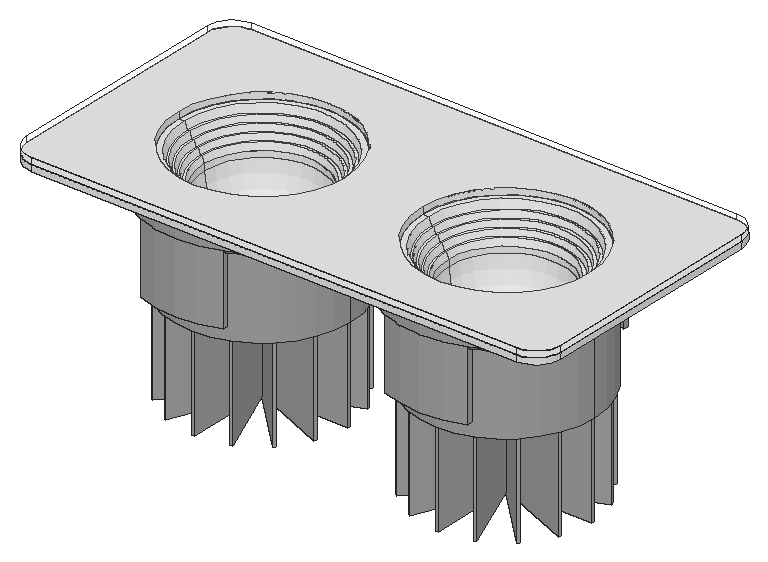
Revit family "Lighting_Fixture-Ceiling-Astro-Vetro_Twin", category Lighting Fixtures, host Face, Revit 2018
Family settings
  Host = Face
  Round Connector Dimension = Use Diameter
  Part Type = Normal
  OmniClass Number = 23.80.70.11.11
  OmniClass Title = General Luminaries, Non Directional
  Cut with Voids When Loaded = No
  Light Source = Yes
  Shared = No
  Room Calculation Point = No
Parameters (values of type "5669 Vetro Twin")
  Width = 90.00 mm
  Weight = "0.56kg"
  Wattage Comments = "2 x 10w"
  Wattage = 12.2 W
  built-in parameter 1150110 = 1 (stored number, unit not read)
  Voltage = 230 V
  URL = "www.astrolighting.co.uk"
  Type Comments = "Dimmable if a dimmable driver is used. Cutout size to fit: 160mm x 80mm. Leave 150mm void around the product. Not suitable for covering with insulation. Requires a 350mA constant current driver, not included."
  built-in parameter 1114217 = 1 (stored number, unit not read)
  Tilt Angle = 90.00°
  built-in parameter 1150109 = 1 (stored number, unit not read)
  built-in parameter 1150134 = (empty or 0)
  built-in parameter 1150113 = 1 (stored number, unit not read)
  Suitable for bathroom zone = "Zones 1, 2 and 3"
  Product Documentation = "http://www.astrolighting.co.uk/products/led-lighting/downlights/5669_Vetro-Twin"
  Photometric Web File = "5669 VETRO TWIN.ies"
  Number of Poles = 1
  Mountable on normally flammable surfaces = "Yes"
  Model = "5669 Vetro Twin"
  Manufacturer = "Astro Lighting Ltd, CM20 2DP"
  built-in parameter 1150105 = 97.958 (stored number, unit not read)
  Lumens = 1230.98 lm
  Luminaire Lamp Efficiency Rating = "-A"
  built-in parameter 1150115 = 1 (stored number, unit not read)
  built-in parameter 1150137 = (empty or 0)
  built-in parameter 1150139 = (empty or 0)
  Length = 175.00 mm
  built-in parameter 1150112 = 1 (stored number, unit not read)
  built-in parameter 1150114 = 1 (stored number, unit not read)
  Lamp included = "Yes"
  Lamp = "LED"
  built-in parameter 1150132 = (empty or 0)
  built-in parameter 1150102 = (empty or 0)
  built-in parameter 1150107 = 3000 (stored number, unit not read)
  built-in parameter 1150138 = (empty or 0)
  built-in parameter 1150106 = 0.97958 (stored number, unit not read)
  IP Rating = "IP65"
  Energy Efficiency Rating = ""
  Emit from Circle Diameter = 55.00 mm
  Emit Shape Visible in Rendering = no
  built-in parameter 1150104 = 9.3739 (stored number, unit not read)
  Dimming Lamp Color Temperature Shift = <None>
  Dimmable = "Yes"
  Description = "Downlight"
  Default Elevation = 1219.20 mm
  Cutout Depth into Ceiling [instance] = 75.00 mm
  Color Filter = 16777215
  Class = 3
  Casing Material = Astro - Aluminium - White
  built-in parameter 1114218 = 1 (stored number, unit not read)
  built-in parameter 1150133 = 10 (stored number, unit not read)
  Manufacturer Contact = "01279 427001"
  Assembly Code = "D5020200"
  Apparent Load = 25.35 VA
Reference planes
  plane 1 "Center (Front/Back)": y = 0
  plane 2: z = 0
  plane 3 "Center (Left/Right)": x = 0
  plane 4 "Light Source Elevation": z = -26
  plane 5 "Left": x = -87.5
  plane 6 "Right": x = 87.5
  plane 7 "Front": y = 45
  plane 8 "Back": y = -45
  plane 9 "Bottom": z = 4
  plane 10 "Top": z = -71
  plane 11: z = 2
  plane 12: x = -40
  plane 13: x = 40
  plane 14: z = -33
  plane 15: z = -40
Forms (mm)
  Extrusion 1, solid, material "Astro - Glass - Clear"
    sketch origin (0, 1376.021, 4) x (0, 1, 0) y (-1, 0, 0)
      loop
        arc (-1331.021, 79.5) -> (-1333.364, 85.157) -> (-1339.021, 87.5) r 8
        line (-1339.021, 87.5) -> (-1413.021, 87.5)
        arc (-1413.021, 87.5) -> (-1418.678, 85.157) -> (-1421.021, 79.5) r 8
        line (-1421.021, 79.5) -> (-1421.021, -79.5)
        arc (-1421.021, -79.5) -> (-1418.678, -85.157) -> (-1413.021, -87.5) r 8
        line (-1413.021, -87.5) -> (-1339.021, -87.5)
        arc (-1339.021, -87.5) -> (-1333.364, -85.157) -> (-1331.021, -79.5) r 8
        line (-1331.021, -79.5) -> (-1331.021, 79.5)
    from 0 to -2
  Extrusion 2, solid, material "Astro - Aluminium - White" <- "Casing Material"
    sketch origin (0, 0, 0) x (1, 0, 0) y (0, 1, 0)
      loop
        line (79.5, 45) -> (-79.5, 45)
        arc (-79.5, 45) -> (-85.157, 42.657) -> (-87.5, 37) r 8
        line (-87.5, 37) -> (-87.5, -37)
        arc (-87.5, -37) -> (-85.157, -42.657) -> (-79.5, -45) r 8
        line (-79.5, -45) -> (79.5, -45)
        arc (79.5, -45) -> (85.157, -42.657) -> (87.5, -37) r 8
        line (87.5, -37) -> (87.5, 37)
        arc (87.5, 37) -> (85.157, 42.657) -> (79.5, 45) r 8
      loop
        circle (-40, 0) r 27.5
      loop
        circle (40, 0) r 27.5
    from 0 to 2
  Extrusion 3, void
    sketch origin (0, 0, 0) x (1, 0, 0) y (0, 1, 0)
      loop
        line (-80, 40) -> (-80, -40) -> (80, -40) -> (80, 40) -> (-80, 40)
    from -75 to 0
  Revolve 4, solid, material "Astro - Aluminium - White" <- "Casing Material"
    sketch origin (0, 0, 0) x (1, 0, 0) y (0, 0, 1)
      loop
        line (-67.5, -0.9) -> (-66.25, -0.9) -> (-65.65, -2.8) -> (-64.85, -2.8) -> (-64.25, -4.7) -> (-63.45, -4.7) -> (-62.85, -6.6) -> (-62.05, -6.6) -> (-61.45, -8.5) -> (-60.65, -8.5) -> (-60.1, -10.4) -> (-59.059, -10.4) -> (-59.696, -8.199) -> (-60.496, -8.199) -> (-61.096, -6.299) -> (-61.896, -6.299) -> (-62.496, -4.399) -> (-63.296, -4.399) -> (-63.896, -2.499) -> (-64.696, -2.499) -> (-65.486, 0) -> (-67.5, 0) -> (-67.5, -0.9)
      axis (-40, 0) -> (-40, -10.4)
    angle from 0 to 360
  Revolve 5, solid, material "Astro - Aluminium - White" <- "Casing Material"
    sketch origin (0, 0, 0) x (1, 0, 0) y (0, 0, 1)
      loop
        line (12.5, 0) -> (12.5, -0.9) -> (13.75, -0.9) -> (14.35, -2.8) -> (15.15, -2.8) -> (15.75, -4.7) -> (16.55, -4.7) -> (17.15, -6.6) -> (17.95, -6.6) -> (18.55, -8.5) -> (19.35, -8.5) -> (19.95, -10.4) -> (20.999, -10.4) -> (20.304, -8.199) -> (19.504, -8.199) -> (18.904, -6.299) -> (18.104, -6.299) -> (17.504, -4.399) -> (16.704, -4.399) -> (16.104, -2.499) -> (15.304, -2.499) -> (14.514, 0) -> (12.5, 0)
      axis (40, 0) -> (40, -10.4)
    angle from 0 to 360
  Revolve 6, solid, material "Astro - Aluminium - White" <- "Casing Material"
    sketch origin (0, 0, 0) x (1, 0, 0) y (0, 0, 1)
      loop
        line (20.999, -10.4) -> (18.126, -10.4) -> (18.126, -12.054) -> (20.036, -13.085)
        arc (20.036, -13.085) -> (22.266, -21.378) -> (27.434, -28.237) r 22.559
        arc (27.434, -28.237) -> (29.216, -28.945) -> (31.088, -29.357) r 11.849
        arc (31.088, -29.357) -> (31.839, -30.283) -> (32.254, -31.4) r 3.683
        line (32.254, -31.4) -> (40, -31.4) -> (40, -30.4) -> (33, -30.4)
        arc (33, -30.4) -> (32.386, -29.298) -> (31.5, -28.4) r 4.683
        arc (31.5, -28.4) -> (29.708, -28.048) -> (28, -27.4) r 10.849
        arc (28, -27.4) -> (23.002, -20.599) -> (20.999, -12.4) r 21.559
        line (20.999, -12.4) -> (20.999, -10.4)
      axis (40, -10.4) -> (40, -31.4)
    angle from 0 to 360
  Revolve 7, solid, material "Astro - Aluminium - White" <- "Casing Material"
    sketch origin (0, 0, 0) x (1, 0, 0) y (0, 0, 1)
      loop
        line (-59.001, -10.4) -> (-61.874, -10.4) -> (-61.874, -12.054) -> (-59.964, -13.085)
        arc (-59.964, -13.085) -> (-57.734, -21.378) -> (-52.566, -28.237) r 22.559
        arc (-52.566, -28.237) -> (-50.784, -28.945) -> (-48.912, -29.357) r 11.849
        arc (-48.912, -29.357) -> (-48.161, -30.283) -> (-47.746, -31.4) r 3.683
        line (-47.746, -31.4) -> (-40, -31.4) -> (-40, -30.4) -> (-47, -30.4)
        arc (-47, -30.4) -> (-47.614, -29.298) -> (-48.5, -28.4) r 4.683
        arc (-48.5, -28.4) -> (-50.292, -28.048) -> (-52, -27.4) r 10.849
        arc (-52, -27.4) -> (-56.998, -20.599) -> (-59.001, -12.4) r 21.559
        line (-59.001, -12.4) -> (-59.001, -10.4)
      axis (-40, -10.4) -> (-40, -31.4)
    angle from 0 to 360
  Revolve 8, solid, material "Astro - Aluminium - Anodised"
    sketch origin (0, 0, 0) x (1, 0, 0) y (0, 0, 1)
      loop
        line (-69, 0) -> (-69, -40) -> (-40, -40) -> (-40, -39) -> (-67.5, -39) -> (-67.5, 0) -> (-69, 0)
      loop
        line (-74, -11) -> (-74, 0) -> (-75.5, 0) -> (-75.5, -10.166) -> (-74.8, -11) -> (-74, -11)
      axis (-40, 0) -> (-40, -40)
    angle from 0 to 360
  Extrusion 9, solid, material "Astro - Aluminium - Anodised"
    sketch origin (0, 0, 0) x (1, 0, 0) y (0, 1, 0)
      loop
        line (-26.5, -32.833) -> (-26.5, -31.205)
        arc (-26.5, -31.205) -> (-40, -34) -> (-53.5, -31.205) r 34
        line (-53.5, -31.205) -> (-53.5, -32.833)
        arc (-53.5, -32.833) -> (-40, -35.5) -> (-26.5, -32.833) r 35.5
      loop
        arc (-53.5, 31.205) -> (-40, 34) -> (-26.5, 31.205) r 34
        line (-26.5, 31.205) -> (-26.5, 32.833)
        arc (-26.5, 32.833) -> (-40, 35.5) -> (-53.5, 32.833) r 35.5
        line (-53.5, 32.833) -> (-53.5, 31.205)
    from -33 to 0
  Revolve 10, solid, material "Astro - Aluminium - Anodised"
    sketch origin (0, 0, 0) x (1, 0, 0) y (0, 0, 1)
      loop
        line (11, 0) -> (11, -40) -> (40, -40) -> (40, -39) -> (12.5, -39) -> (12.5, 0) -> (11, 0)
      loop
        line (6, -11) -> (6, 0) -> (4.5, 0) -> (4.5, -10.166) -> (5.2, -11) -> (6, -11)
      axis (40, 0) -> (40, -40)
    angle from 0 to 360
  Extrusion 11, solid, material "Astro - Aluminium - Anodised"
    sketch origin (0, 0, 0) x (1, 0, 0) y (0, 1, 0)
      loop
        line (53.5, -32.833) -> (53.5, -31.205)
        arc (53.5, -31.205) -> (40, -34) -> (26.5, -31.205) r 34
        line (26.5, -31.205) -> (26.5, -32.833)
        arc (26.5, -32.833) -> (40, -35.5) -> (53.5, -32.833) r 35.5
      loop
        arc (26.5, 31.205) -> (40, 34) -> (53.5, 31.205) r 34
        line (53.5, 31.205) -> (53.5, 32.833)
        arc (53.5, 32.833) -> (40, 35.5) -> (26.5, 32.833) r 35.5
        line (26.5, 32.833) -> (26.5, 31.205)
    from -33 to 0
  Extrusion 12, solid, material "Astro - Aluminium - Anodised"
    sketch origin (-117.181, -4572, -40) x (-1, 0, 0) y (0, -1, 0)
      loop
        line (-156.781, -4600.3) -> (-156.781, -4574.011) -> (-146.721, -4598.299) -> (-145.982, -4597.993) -> (-156.042, -4573.705) -> (-137.453, -4592.294) -> (-136.887, -4591.728) -> (-155.477, -4573.139) -> (-131.189, -4583.199) -> (-130.883, -4582.46) -> (-155.171, -4572.4) -> (-128.881, -4572.4) -> (-128.881, -4571.6) -> (-155.171, -4571.6) -> (-130.883, -4561.54) -> (-131.189, -4560.801) -> (-155.477, -4570.861) -> (-136.887, -4552.272) -> (-137.453, -4551.706) -> (-156.042, -4570.295) -> (-145.982, -4546.007) -> (-146.721, -4545.701) -> (-156.781, -4569.989) -> (-156.781, -4543.7) -> (-157.581, -4543.7) -> (-157.581, -4569.989) -> (-167.642, -4545.701) -> (-168.381, -4546.007) -> (-158.321, -4570.295) -> (-176.91, -4551.706) -> (-177.475, -4552.272) -> (-158.886, -4570.861) -> (-183.174, -4560.801) -> (-183.48, -4561.54) -> (-159.192, -4571.6) -> (-185.481, -4571.6) -> (-185.481, -4572.4) -> (-159.192, -4572.4) -> (-183.48, -4582.46) -> (-183.174, -4583.199) -> (-158.886, -4573.139) -> (-177.475, -4591.728) -> (-176.91, -4592.294) -> (-158.321, -4573.705) -> (-168.381, -4597.993) -> (-167.642, -4598.299) -> (-157.581, -4574.011) -> (-157.581, -4600.3) -> (-156.781, -4600.3)
      loop
        line (-76.781, -4600.3) -> (-76.781, -4574.011) -> (-66.721, -4598.299) -> (-65.982, -4597.993) -> (-76.042, -4573.705) -> (-57.453, -4592.294) -> (-56.887, -4591.728) -> (-75.477, -4573.139) -> (-51.189, -4583.199) -> (-50.883, -4582.46) -> (-75.171, -4572.4) -> (-48.881, -4572.4) -> (-48.881, -4571.6) -> (-75.171, -4571.6) -> (-50.883, -4561.54) -> (-51.189, -4560.801) -> (-75.477, -4570.861) -> (-56.887, -4552.272) -> (-57.453, -4551.706) -> (-76.042, -4570.295) -> (-65.982, -4546.007) -> (-66.721, -4545.701) -> (-76.781, -4569.989) -> (-76.781, -4543.7) -> (-77.581, -4543.7) -> (-77.581, -4569.989) -> (-87.642, -4545.701) -> (-88.381, -4546.007) -> (-78.321, -4570.295) -> (-96.91, -4551.706) -> (-97.475, -4552.272) -> (-78.886, -4570.861) -> (-103.174, -4560.801) -> (-103.48, -4561.54) -> (-79.192, -4571.6) -> (-105.481, -4571.6) -> (-105.481, -4572.4) -> (-79.192, -4572.4) -> (-103.48, -4582.46) -> (-103.174, -4583.199) -> (-78.886, -4573.139) -> (-97.475, -4591.728) -> (-96.91, -4592.294) -> (-78.321, -4573.705) -> (-88.381, -4597.993) -> (-87.642, -4598.299) -> (-77.581, -4574.011) -> (-77.581, -4600.3) -> (-76.781, -4600.3)
    from -31 to 0
Cuts and joins
  joined: Revolve 8, Extrusion 9
  joined: Revolve 10, Extrusion 11
Dimensions and locks
  equal spacing: plane 5 "Left", plane 3 "Center (Left/Right)", plane 6 "Right"
  "Length": plane 5 "Left" to plane 6 "Right"
  equal spacing: plane 7 "Front", plane 1 "Center (Front/Back)", plane 8 "Back"
  "Width": plane 7 "Front" to plane 8 "Back"
  plane 9 "Bottom" to plane 2 = 4.00 mm
  plane 2 to plane 10 "Top" = 71.00 mm
  locked: plane 9 "Bottom" to plane 2 at 4
  locked: plane 11 to plane 2 at 2
  locked: plane 2 to plane 10 "Top" at 71
  plane 9 "Bottom" to plane 10 "Top" = 75.00 mm
  equal spacing: Extrusion 1 sketch curve, plane 3 "Center (Left/Right)", Extrusion 1 sketch curve  (x2)
  locked: Extrusion 1 sketch curve to Extrusion 1 sketch curve at 159  (x2)
  equal spacing: Extrusion 1 sketch curve, plane 1 "Center (Front/Back)", Extrusion 1 sketch curve  (x2)
  locked: Extrusion 1 sketch curve to Extrusion 1 sketch curve at 74  (x2)
  equal spacing: Extrusion 3 sketch curve, plane 3 "Center (Left/Right)", Extrusion 3 sketch curve
  locked: Extrusion 3 sketch curve to Extrusion 3 sketch curve at 160
  equal spacing: Extrusion 3 sketch curve, plane 1 "Center (Front/Back)", Extrusion 3 sketch curve
  locked: Extrusion 3 sketch curve to Extrusion 3 sketch curve at 80
  equal spacing: plane 12, plane 3 "Center (Left/Right)", plane 13
  locked: plane 12 to plane 13 at 80
  locked: plane 2 to plane 14 at 33
  locked: plane 2 to plane 15 at 40
  "Cutout Depth into Ceiling": plane 2 to Extrusion 3
  locked: plane 4 "Light Source Elevation" to plane 10 "Top" at 45
  aligned and locked: plane 2 to host face
  aligned and locked: level to host face
  aligned and locked: Extrusion 1 sketch curve to plane 5 "Left"
  aligned and locked: Extrusion 1 sketch curve to plane 6 "Right"
  aligned and locked: Extrusion 1 sketch curve to plane 8 "Back"
  aligned and locked: Extrusion 1 to plane 9 "Bottom"
  aligned and locked: Extrusion 1 to plane 11
  aligned and locked: Extrusion 2 sketch curve to Extrusion 1  (x4)
  aligned and locked: plane 1 "Center (Front/Back)" to Extrusion 2 sketch curve  (x2)
  aligned and locked: plane 11 to Extrusion 2
  aligned and locked: Extrusion 2 to plane 2
  aligned and locked: plane 12 to Extrusion 2 sketch curve
  aligned and locked: plane 13 to Extrusion 2 sketch curve
  aligned and locked: Revolve 4 sketch curve to plane 12
  aligned and locked: Revolve 5 sketch curve to plane 13
  aligned and locked: Revolve 5 to Revolve 6 sketch curve
  aligned and locked: Revolve 6 sketch curve to plane 13
  aligned and locked: Revolve 7 sketch curve to plane 12
  aligned and locked: Revolve 8 sketch curve to plane 12  (x2)
  aligned and locked: plane 2 to Extrusion 9
  aligned and locked: plane 2 to Extrusion 3
  aligned and locked: plane 13 to Revolve 10 sketch curve
  aligned and locked: Revolve 10 sketch curve to plane 13
  aligned and locked: plane 13 to Extrusion 11 sketch curve  (x4)
  aligned and locked: plane 1 "Center (Front/Back)" to Extrusion 11 sketch curve  (x4)
  aligned and locked: plane 1 "Center (Front/Back)" to Extrusion 9 sketch curve  (x4)
  aligned and locked: plane 12 to Extrusion 9 sketch curve  (x4)
  aligned and locked: plane 2 to Extrusion 11
  aligned and locked: Extrusion 11 to plane 14
  aligned and locked: cut or joined group of Revolve 8, Extrusion 9 to plane 14
  aligned and locked: plane 15 to Revolve 10 sketch curve
  aligned and locked: plane 15 to Revolve 8 sketch curve
  aligned and locked: Extrusion 12 to plane 10 "Top"
  aligned and locked: plane 15 to Extrusion 12
  aligned and locked: imposter light to plane 12
  aligned and locked: imposter light to plane 1 "Center (Front/Back)"
  aligned and locked: imposter light to plane 4 "Light Source Elevation"
Automatic sketch dimensions
  host sketch curve to host sketch curve = 297.002 mm
  host sketch curve to host sketch curve = 245.013 mm
  Revolve 5 sketch curve to level = 0.00 mm
  Revolve 5 sketch curve to level = 8.199 mm
  Revolve 5 sketch curve to plane 13 = 19.696 mm
  Revolve 5 sketch curve to Revolve 5 sketch curve = 0.354 mm
  Revolve 5 sketch curve to Revolve 5 sketch curve = 0.80 mm  (x8)
  Revolve 5 sketch curve to Revolve 5 sketch curve = 0.154 mm  (x4)
  Revolve 5 sketch curve to level = 6.299 mm
  Revolve 5 sketch curve to Revolve 5 sketch curve = 0.60 mm  (x3)
  Revolve 5 sketch curve to level = 6.60 mm
  Revolve 5 sketch curve to level = 4.399 mm
  Revolve 5 sketch curve to level = 4.70 mm
  Revolve 5 sketch curve to level = 2.499 mm
  Revolve 5 sketch curve to Revolve 5 sketch curve = 0.789 mm
  Revolve 5 sketch curve to level = 0.90 mm
  Revolve 5 sketch curve to Revolve 5 sketch curve = 0.764 mm
  Revolve 5 sketch curve to Revolve 5 sketch curve = 1.25 mm
  Revolve 5 sketch curve to Revolve 5 sketch curve = 0.301 mm  (x2)
  Revolve 5 sketch curve to Revolve 5 sketch curve = 1.049 mm
  Revolve 5 sketch curve to Revolve 5 sketch curve = 15.334 mm
  plane 9 "Bottom" to Revolve 5 sketch curve = 36.00 mm
  Revolve 5 sketch curve to Revolve 5 sketch curve = 1.90 mm
  Revolve 6 sketch curve to Revolve 6 sketch curve = 0.00 mm  (x6)
  Revolve 6 sketch curve to plane 13 = 0.00 mm
  Revolve 6 sketch curve to plane 13 = 7.00 mm
  Revolve 6 sketch curve to plane 13 = 7.312 mm
  Revolve 6 sketch curve to Revolve 6 sketch curve = 0.746 mm
  Revolve 6 sketch curve to Revolve 6 sketch curve = 3.615 mm
  Revolve 6 sketch curve to Revolve 6 sketch curve = 11.69 mm
  Revolve 6 sketch curve to Revolve 6 sketch curve = 0.962 mm
  Revolve 6 sketch curve to Revolve 6 sketch curve = 2.872 mm
  plane 13 to Revolve 6 sketch curve = 2.538 mm
  Revolve 6 sketch curve to Revolve 6 sketch curve = 4.531 mm
  Revolve 6 sketch curve to Revolve 6 sketch curve = 12.784 mm
  Revolve 6 sketch curve to Revolve 6 sketch curve = 1.00 mm
  Revolve 6 sketch curve to Revolve 6 sketch curve = 0.708 mm
  Revolve 6 sketch curve to Revolve 6 sketch curve = 0.685 mm
  Revolve 6 sketch curve to Revolve 6 sketch curve = 1.654 mm
  Revolve 6 sketch curve to level = 11.48 mm
  Revolve 6 sketch curve to Revolve 6 sketch curve = 1.50 mm
  Revolve 6 sketch curve to Revolve 6 sketch curve = 0.412 mm
  Revolve 6 sketch curve to Revolve 6 sketch curve = 0.566 mm
  Revolve 6 sketch curve to Revolve 6 sketch curve = 5.459 mm
  Revolve 6 sketch curve to Revolve 6 sketch curve = 6.059 mm
  Revolve 4 sketch curve to level = 0.00 mm
  Revolve 4 sketch curve to level = 8.199 mm
  Revolve 4 sketch curve to plane 12 = 19.696 mm
  Revolve 4 sketch curve to Revolve 4 sketch curve = 0.404 mm
  Revolve 4 sketch curve to Revolve 4 sketch curve = 0.80 mm  (x8)
  Revolve 4 sketch curve to Revolve 4 sketch curve = 0.154 mm  (x4)
  Revolve 4 sketch curve to Revolve 4 sketch curve = 0.60 mm  (x3)
  Revolve 4 sketch curve to level = 8.50 mm
  Revolve 4 sketch curve to level = 6.60 mm
  Revolve 4 sketch curve to level = 4.399 mm
  Revolve 4 sketch curve to level = 2.499 mm
  Revolve 4 sketch curve to level = 4.70 mm
  Revolve 4 sketch curve to Revolve 4 sketch curve = 0.789 mm
  Revolve 4 sketch curve to level = 0.90 mm
  Revolve 4 sketch curve to Revolve 4 sketch curve = 0.764 mm
  Revolve 4 sketch curve to Revolve 4 sketch curve = 1.25 mm
  Revolve 4 sketch curve to Revolve 4 sketch curve = 1.90 mm
  Revolve 4 sketch curve to Revolve 4 sketch curve = 0.301 mm  (x2)
  Revolve 4 sketch curve to Revolve 4 sketch curve = 1.041 mm
  Revolve 4 sketch curve to level = 21.326 mm
  plane 9 "Bottom" to Revolve 4 sketch curve = 8.755 mm
  Revolve 7 sketch curve to Revolve 7 sketch curve = 0.00 mm  (x6)
  Revolve 7 sketch curve to plane 12 = 0.00 mm
  Revolve 7 sketch curve to Revolve 7 sketch curve = 7.00 mm
  Revolve 7 sketch curve to plane 12 = 7.312 mm
  Revolve 7 sketch curve to Revolve 7 sketch curve = 0.746 mm
  Revolve 7 sketch curve to Revolve 7 sketch curve = 3.615 mm
  Revolve 7 sketch curve to Revolve 7 sketch curve = 11.69 mm
  Revolve 7 sketch curve to level = 13.085 mm
  Revolve 7 sketch curve to Revolve 7 sketch curve = 0.962 mm
  Revolve 7 sketch curve to Revolve 7 sketch curve = 2.872 mm
  plane 12 to Revolve 7 sketch curve = 2.538 mm
  Revolve 7 sketch curve to Revolve 7 sketch curve = 4.531 mm
  Revolve 7 sketch curve to Revolve 7 sketch curve = 12.784 mm
  Revolve 7 sketch curve to Revolve 7 sketch curve = 1.00 mm
  Revolve 7 sketch curve to Revolve 7 sketch curve = 0.708 mm
  Revolve 7 sketch curve to Revolve 7 sketch curve = 0.685 mm
  Revolve 7 sketch curve to Revolve 7 sketch curve = 1.031 mm
  Revolve 7 sketch curve to level = 11.48 mm
  Revolve 7 sketch curve to Revolve 7 sketch curve = 2.00 mm
  Revolve 7 sketch curve to Revolve 7 sketch curve = 1.50 mm
  Revolve 7 sketch curve to Revolve 7 sketch curve = 0.412 mm
  Revolve 7 sketch curve to Revolve 7 sketch curve = 2.307 mm
  Revolve 7 sketch curve to Revolve 7 sketch curve = 8.074 mm
  Revolve 8 sketch curve to level = 0.00 mm  (x2)
  plane 5 "Left" to Revolve 8 sketch curve = 20.00 mm
  Revolve 8 sketch curve to Revolve 8 sketch curve = 1.50 mm
  Revolve 8 sketch curve to Revolve 8 sketch curve = 5.00 mm
  Revolve 8 sketch curve to Revolve 8 sketch curve = 0.80 mm
  Revolve 8 sketch curve to Revolve 8 sketch curve = 0.70 mm
  Revolve 8 sketch curve to level = 10.166 mm
  Revolve 8 sketch curve to Revolve 8 sketch curve = 0.834 mm
  Revolve 8 sketch curve to Revolve 8 sketch curve = 1.00 mm
  Revolve 8 sketch curve to Revolve 8 sketch curve = 18.255 mm
  Revolve 8 sketch curve to Revolve 8 sketch curve = 4.469 mm
  Revolve 10 sketch curve to level = 0.00 mm  (x2)
  plane 3 "Center (Left/Right)" to Revolve 10 sketch curve = 12.50 mm
  Revolve 10 sketch curve to Revolve 10 sketch curve = 1.50 mm  (x2)
  Revolve 10 sketch curve to Revolve 10 sketch curve = 5.00 mm
  Revolve 10 sketch curve to Revolve 10 sketch curve = 0.80 mm
  Revolve 10 sketch curve to level = 10.166 mm
  Revolve 10 sketch curve to Revolve 10 sketch curve = 0.834 mm
  Revolve 10 sketch curve to Revolve 10 sketch curve = 1.00 mm
  Revolve 10 sketch curve to Revolve 10 sketch curve = 7.903 mm
  plane 10 "Top" to Revolve 10 sketch curve = 9.556 mm
  Extrusion 11 sketch curve to plane 13 = 13.50 mm  (x2)
  plane 13 to Extrusion 11 sketch curve = 13.50 mm  (x2)
  plane 8 "Back" to Extrusion 11 sketch curve = 13.795 mm
  Extrusion 11 sketch curve to Extrusion 11 sketch curve = 1.628 mm  (x2)
  Extrusion 11 sketch curve to plane 7 "Front" = 13.795 mm
  Extrusion 9 sketch curve to plane 12 = 13.50 mm  (x2)
  plane 12 to Extrusion 9 sketch curve = 13.50 mm  (x2)
  plane 8 "Back" to Extrusion 9 sketch curve = 13.795 mm
  Extrusion 9 sketch curve to Extrusion 9 sketch curve = 1.628 mm  (x2)
  Extrusion 9 sketch curve to plane 7 "Front" = 13.795 mm
  Extrusion 12 sketch curve to plane 1 "Center (Front/Back)" = 0.40 mm  (x4)
  Extrusion 12 sketch curve to plane 6 "Right" = 19.20 mm
  Extrusion 12 sketch curve to Extrusion 12 sketch curve = 2.001 mm  (x10)
  Extrusion 12 sketch curve to plane 1 "Center (Front/Back)" = 11.199 mm  (x3)
  Extrusion 12 sketch curve to Extrusion 12 sketch curve = 0.306 mm  (x11)
  plane 1 "Center (Front/Back)" to Extrusion 12 sketch curve = 11.199 mm  (x3)
  Extrusion 12 sketch curve to Extrusion 12 sketch curve = 5.699 mm  (x12)
  Extrusion 12 sketch curve to Extrusion 12 sketch curve = 0.566 mm  (x20)
  Extrusion 12 sketch curve to Extrusion 12 sketch curve = 8.529 mm  (x12)
  Extrusion 12 sketch curve to Extrusion 12 sketch curve = 0.739 mm  (x12)
  plane 13 to Extrusion 12 sketch curve = 2.011 mm
  plane 1 "Center (Front/Back)" to Extrusion 12 sketch curve = 0.40 mm  (x4)
  Extrusion 12 sketch curve to Extrusion 12 sketch curve = 0.00 mm  (x5)
  Extrusion 12 sketch curve to plane 1 "Center (Front/Back)" = 1.139 mm  (x2)
  plane 1 "Center (Front/Back)" to Extrusion 12 sketch curve = 1.139 mm  (x2)
  plane 13 to Extrusion 12 sketch curve = 0.40 mm  (x2)
  Extrusion 12 sketch curve to plane 13 = 0.40 mm  (x2)
  Extrusion 12 sketch curve to Extrusion 12 sketch curve = 10.06 mm  (x4)
  plane 1 "Center (Front/Back)" to Extrusion 12 sketch curve = 10.46 mm  (x2)
  Extrusion 12 sketch curve to plane 1 "Center (Front/Back)" = 10.46 mm  (x2)
  Extrusion 12 sketch curve to plane 3 "Center (Left/Right)" = 11.70 mm
  plane 12 to Extrusion 12 sketch curve = 2.011 mm
  plane 12 to Extrusion 12 sketch curve = 0.40 mm  (x2)
  Extrusion 12 sketch curve to plane 12 = 0.40 mm  (x2)
  radius of Extrusion 2 sketch curve = 27.50 mm  (x2)
Nested families
  nested 1: "Vetro Twin ies" at (40, 0, -26.148), type "Vetro Twin ies"
Connectors
  electrical at (-40, 0, -71), driven by "Number of Poles", driven by "Voltage", driven by "Apparent Load"
    settings: on Extrusion 12, index 1, voltage 230 V, apparent load 0 VA, apparent load phase1 25.35 VA, apparent load phase2 0 VA, apparent load phase3 0 VA, power factor 1, load classification "Other", number of poles 1, system type 31, power factor state 1, is connector primary yes, connector utility no, sub classification motor no, connector description ""
Definition of nested family "Vetro Twin ies"
  Parameters
    Wattage = 9.2903 W
    built-in parameter 1150110 = 1 (stored number, unit not read)
    built-in parameter 1114217 = 1 (stored number, unit not read)
    Tilt Angle = 90.00°
    built-in parameter 1150109 = 1 (stored number, unit not read)
    built-in parameter 1150134 = 3
    built-in parameter 1150113 = 1 (stored number, unit not read)
    Photometric Web File = "5669 VETRO TWIN.ies"
    built-in parameter 1150105 = 109.82 (stored number, unit not read)
    Lumens = 1380 lm
    built-in parameter 1150115 = 1 (stored number, unit not read)
    built-in parameter 1150137 = (empty or 0)
    built-in parameter 1150139 = (empty or 0)
    built-in parameter 1150112 = 1 (stored number, unit not read)
    built-in parameter 1150114 = 1 (stored number, unit not read)
    built-in parameter 1150132 = (empty or 0)
    built-in parameter 1150102 = (empty or 0)
    built-in parameter 1150107 = 3200 (stored number, unit not read)
    built-in parameter 1150138 = (empty or 0)
    built-in parameter 1150106 = 1.0982 (stored number, unit not read)
    Emit from Circle Diameter = 55.00 mm
    Emit Shape Visible in Rendering = no
    built-in parameter 1150104 = 13.8 (stored number, unit not read)
    Dimming Lamp Color Temperature Shift = (empty or 0)
    Color Filter = 16777215
    built-in parameter 1114218 = 1 (stored number, unit not read)
    built-in parameter 1150133 = 10 (stored number, unit not read)
  Reference planes
    plane 1 "Center (Front/Back)": y = 0
    plane 2: z = 0
    plane 3 "Center (Left/Right)": x = 0
  Dimensions and locks
    aligned and locked: level to plane 2
